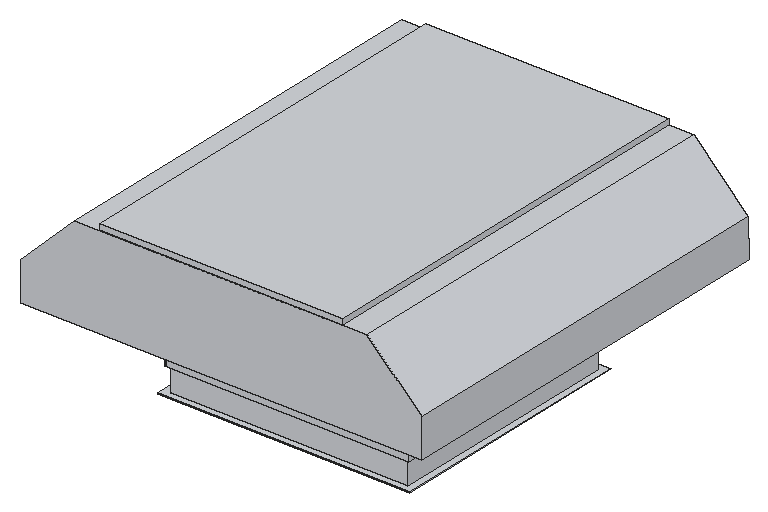
Revit family "HES-D", category Mechanical Equipment, Revit 2019
Family settings
  Round Connector Dimension = Use Diameter
  Part Type = Normal
  Work Plane-Based = No
  Always vertical = Yes
  Cut with Voids When Loaded = No
  Shared = No
  Room Calculation Point = No
Parameters (values of type "54-HES-D")
  Unit Weight [instance] = ""
  Sones [instance] = ""
  RO/2 = RO / 2  # 2' - 6 3/4"
  Motor RPM [instance] = ""
  Motor Enclosure [instance] = ""
  ModelID [instance] = ""
  LwA [instance] = ""
  W/2 = W / 2  # 4' - 6 1/2"
  L/2 = L / 2  # 4' - 7 1/2"
  RO = T_SQ - 0' 4 1/2"  # 5' - 1 1/2"
  T_SQ/2 = T_SQ / 2  # 2' - 9"
  Fan RPM [instance] = ""
  T_SQ = 5' - 6"
  W = 9' - 1"
  L = 9' - 3"
  CURB_HEIGHT [instance] = 0' - 9 1/2"
  CURB [instance] = yes
  C/2 = C / 2  # 0' - 7 3/8"
  C = 1' - 2 3/4"
  Brake Hp [instance] = ""
  B/2 = B / 2  # 0' - 1 1/2"
  B-.125" = B - 0' 0 1/8"  # 0' - 2 7/8"
  Accessories [instance] = ""
  A-C = A - C  # 2' - 5 3/4"
  B = 0' - 3"
  A/2 = A / 2  # 1' - 10 1/4"
  A-1.5" = A - 0' 1 1/2"  # 3' - 7"
  A = 3' - 8 1/2"
  4" = 0' - 4"  # constant formula
  2' = 2' - 0"
  2" = 0' - 2"  # constant formula
  1" = 0' - 1"  # constant formula
  0 = 0' - 0"  # constant formula
  Voltage [instance] = 0 V
  URL = "www.lorencook.com"
  Type Comments = "Hooded Supply Ventilator Extruded Aluminum Propeller Roof Mounted/Direct Drive"  # constant formula
  Static Pressure [instance] = 0.00 in-wg
  Power [instance] = Voltage * Motor FLA * sqrt(if(Phase = 3, 3, 1))  # 0 VA
  Phase [instance] = 0
  Number of Poles [instance] = 1
  Motor Hp [instance] = "0"
  Motor FLA [instance] = 0 A
  Model = "HES-D"  # constant formula
  Manufacturer = "Loren Cook Company"
  CFM [instance] = 0 CFM
  1.5 = 0' - 1 1/2"  # constant formula
  ONE EIGTH = 0' - 0 1/8"  # constant formula
  -L/2 = -L / 2  # -4' - 7 1/2"
  -(C/2) = -(C / 2)  # -0' - 7 3/8"
  -(A/2) = -(A / 2)  # -1' - 10 1/4"
  (T_SQ/2)-2" = (T_SQ / 2) - 0' 2"  # 2' - 7"
  (T_SQ/2)+.125" = (T_SQ / 2) + 0' 0 1/8"  # 2' - 9 1/8"
  (A-C)/2 = (A - C) / 2  # 1' - 2 7/8"
Types (8): name | RO/2 | W/2 | L/2 | RO | T_SQ/2 | T_SQ | W | L | C/2 | C | B/2 | B-.125" | A-C | B | A/2 | A-1.5" | A | -L/2 | -(C/2) | -(A/2) | (T_SQ/2)-2" | (T_SQ/2)+.125" | (A-C)/2
  (no name) | 2' - 6 3/4" | 4' - 6 1/2" | 4' - 7 1/2" | 5' - 1 1/2" | 2' - 9" | 5' - 6" | 9' - 1" | 9' - 3" | 0' - 7 3/8" | 1' - 2 3/4" | 0' - 1 1/2" | 0' - 2 7/8" | 2' - 5 3/4" | 0' - 3" | 1' - 10 1/4" | 3' - 7" | 3' - 8 1/2" | -4' - 7 1/2" | -0' - 7 3/8" | -1' - 10 1/4" | 2' - 7" | 2' - 9 1/8" | 1' - 2 7/8"
  20-HES-D | 1' - 1 3/4" | 2' - 2" | 2' - 2" | 2' - 3 1/2" | 1' - 4" | 2' - 8" | 4' - 4" | 4' - 4" | 0' - 5" | 0' - 10" | 0' - 1" | 0' - 1 7/8" | 1' - 5 1/4" | 0' - 2" | 1' - 1 5/8" | 2' - 1 3/4" | 2' - 3 1/4" | -2' - 2" | -0' - 5" | -1' - 1 5/8" | 1' - 2" | 1' - 4 1/8" | 0' - 8 5/8"
  30-HES-D | 1' - 6 3/4" | 2' - 10 1/2" | 2' - 10 1/2" | 3' - 1 1/2" | 1' - 9" | 3' - 6" | 5' - 9" | 5' - 9" | 0' - 5" | 0' - 10" | 0' - 1 1/2" | 0' - 2 7/8" | 1' - 8 1/2" | 0' - 3" | 1' - 3 1/4" | 2' - 5" | 2' - 6 1/2" | -2' - 10 1/2" | -0' - 5" | -1' - 3 1/4" | 1' - 7" | 1' - 9 1/8" | 0' - 10 1/4"
  36-HES-D | 1' - 9 3/4" | 3' - 4" | 3' - 4" | 3' - 7 1/2" | 2' - 0" | 4' - 0" | 6' - 8" | 6' - 8" | 0' - 5" | 0' - 10" | 0' - 1 1/2" | 0' - 2 7/8" | 1' - 11" | 0' - 3" | 1' - 4 1/2" | 2' - 7 1/2" | 2' - 9" | -3' - 4" | -0' - 5" | -1' - 4 1/2" | 1' - 10" | 2' - 0 1/8" | 0' - 11 1/2"
  42-HES-D | 2' - 0 3/4" | 3' - 9" | 3' - 9" | 4' - 1 1/2" | 2' - 3" | 4' - 6" | 7' - 6" | 7' - 6" | 0' - 5" | 0' - 10" | 0' - 1 1/2" | 0' - 2 7/8" | 2' - 4" | 0' - 3" | 1' - 7" | 3' - 0 1/2" | 3' - 2" | -3' - 9" | -0' - 5" | -1' - 7" | 2' - 1" | 2' - 3 1/8" | 1' - 2"
  48-HES-D | 2' - 3 3/4" | 3' - 9" | 4' - 7" | 4' - 7 1/2" | 2' - 6" | 5' - 0" | 7' - 6" | 9' - 2" | 0' - 6 3/4" | 1' - 1 1/2" | 0' - 1 1/2" | 0' - 2 7/8" | 2' - 4" | 0' - 3" | 1' - 8 3/4" | 3' - 4" | 3' - 5 1/2" | -4' - 7" | -0' - 6 3/4" | -1' - 8 3/4" | 2' - 4" | 2' - 6 1/8" | 1' - 2"
  54-HES-D | 2' - 6 3/4" | 4' - 6 1/2" | 4' - 7 1/2" | 5' - 1 1/2" | 2' - 9" | 5' - 6" | 9' - 1" | 9' - 3" | 0' - 7 3/8" | 1' - 2 3/4" | 0' - 1 1/2" | 0' - 2 7/8" | 2' - 5 3/4" | 0' - 3" | 1' - 10 1/4" | 3' - 7" | 3' - 8 1/2" | -4' - 7 1/2" | -0' - 7 3/8" | -1' - 10 1/4" | 2' - 7" | 2' - 9 1/8" | 1' - 2 7/8"
  24-HES-D | 1' - 3 3/4" | 2' - 5 1/2" | 2' - 5 1/2" | 2' - 7 1/2" | 1' - 6" | 3' - 0" | 4' - 11" | 4' - 11" | 0' - 5" | 0' - 10" | 0' - 1 1/2" | 0' - 2 7/8" | 1' - 6 3/4" | 0' - 3" | 1' - 2 3/8" | 2' - 3 1/4" | 2' - 4 3/4" | -2' - 5 1/2" | -0' - 5" | -1' - 2 3/8" | 1' - 4" | 1' - 6 1/8" | 0' - 9 3/8"
Reference planes (in)
  plane 1 "Center (Front/Back)": y = 0
  plane 2: z = 0
  plane 3 "Center (Left/Right)": x = 0.40541
Forms (in)
  Extrusion 1, solid
    sketch origin (0, 0, 0) x (1, 0, 0) y (0, 1, 0)
      loop
        line (-32.71959, 33.125) -> (-32.71959, -33.125) -> (33.53041, -33.125) -> (33.53041, 33.125) -> (-32.71959, 33.125)
    from 0 to 3 <- "B"
  Extrusion 2, void
    sketch origin (0, 0, 0) x (1, 0, 0) y (0, 1, 0)
      loop
        line (-32.59459, 33) -> (-32.59459, -33) -> (33.40541, -33) -> (33.40541, 33) -> (-32.59459, 33)
    from 0 to 2.875 <- "B-.125""
  Revolve 3, solid
    sketch origin (0, 0, 0) x (1, 0, 0) y (0, 0, 1)
      loop
        line (0.40541, 3) -> (31.40541, 3)
        arc (31.40541, 3) -> (24.03041, 10.375) -> (31.40541, 17.75) r 7.375
        line (31.40541, 17.75) -> (0.40541, 17.75) -> (0.40541, 3)
      axis (0.40541, 17.75) -> (0.40541, 3)
    angle from 0 to 360
  Extrusion 4, solid
    sketch origin (0, 0, 0) x (1, 0, 0) y (0, 0, 1)
      loop
        line (-54.09459, 17.75) -> (54.90541, 17.75) -> (54.90541, 43) -> (-54.09459, 43) -> (-54.09459, 17.75)
    from -55.5 <- "-L/2" to 55.5 <- "L/2"
  Extrusion 5, solid
    sketch origin (0, 0, 0) x (1, 0, 0) y (0, 0, 1)
      loop
        line (-32.59459, 43) -> (33.40541, 43) -> (33.40541, 44.5) -> (-32.59459, 44.5) -> (-32.59459, 43)
    from 55.5 <- "L/2" to -55.5 <- "-L/2"
  Extrusion 6, void
    sketch origin (0, 0, 0) x (1, 0, 0) y (0, 0, 1)
      loop
        line (40.03041, 43) -> (54.90541, 28.125) -> (54.90541, 43) -> (40.03041, 43)
      loop
        line (-39.21959, 43) -> (-54.09459, 43) -> (-54.09459, 28.125) -> (-39.21959, 43)
    from 55.5 <- "L/2" to -55.5 <- "-L/2"
  Extrusion 7, solid, visible <- "CURB"
    sketch origin (0, 0, 2.875) x (0, 1, 0) y (1, 0, 0)
      loop
        line (30.75, -30.34459) -> (30.75, 31.15541) -> (-30.75, 31.15541) -> (-30.75, -30.34459) -> (30.75, -30.34459)
      loop
        line (-32.25, 32.65541) -> (-32.25, -31.84459) -> (32.25, -31.84459) -> (32.25, 32.65541) -> (-32.25, 32.65541)
    from 0 to 9.5 <- "CURB_HEIGHT"
  Extrusion 8, solid, visible <- "CURB"
    sketch origin (0, 0, -6.625) x (-1, 0, 0) y (0, 1, 0)
      loop
        line (31.84459, -32.25) -> (31.84459, 32.25) -> (-32.65541, 32.25) -> (-32.65541, -32.25) -> (31.84459, -32.25)
      loop
        line (-34.65541, 34.25) -> (-34.65541, -34.25) -> (33.84459, -34.25) -> (33.84459, 34.25) -> (-34.65541, 34.25)
    from 0 to -0.125
Cuts and joins
  Extrusion 2 cuts Extrusion 1
  Extrusion 6 cuts Extrusion 4
  Extrusion 6 cuts Extrusion 5
Dimensions and locks (in)
  "(T_SQ/2)+.125"": Extrusion 1 sketch curve to plane 3 "Center (Left/Right)"
  "(T_SQ/2)+.125"": plane 3 "Center (Left/Right)" to Extrusion 1 sketch curve
  "(T_SQ/2)+.125"": plane 1 "Center (Front/Back)" to Extrusion 1 sketch curve
  "(T_SQ/2)+.125"": Extrusion 1 sketch curve to plane 1 "Center (Front/Back)"
  "T_SQ/2": Extrusion 2 sketch curve to plane 3 "Center (Left/Right)"
  "T_SQ/2": plane 3 "Center (Left/Right)" to Extrusion 2 sketch curve
  "T_SQ/2": plane 1 "Center (Front/Back)" to Extrusion 2 sketch curve
  "T_SQ/2": Extrusion 2 sketch curve to plane 1 "Center (Front/Back)"
  "C": Revolve 3 sketch curve to cut or joined group of Extrusion 1, Extrusion 2
  "(T_SQ/2)-2"": Revolve 3 sketch curve to plane 3 "Center (Left/Right)"
  "0": Revolve 3 sketch curve to plane 3 "Center (Left/Right)"  (x2)
  "0": Revolve 3 sketch curve to cut or joined group of Extrusion 1, Extrusion 2
  "A-1.5"": Extrusion 4 sketch curve to level
  "0": Extrusion 4 sketch curve to Revolve 3
  "W/2": Extrusion 4 sketch curve to plane 3 "Center (Left/Right)"  (x2)
  "0": Extrusion 5 sketch curve to Extrusion 4
  "1.5": Extrusion 5 sketch curve to Extrusion 5 sketch curve
  "T_SQ/2": Extrusion 5 sketch curve to plane 3 "Center (Left/Right)"
  "T_SQ/2": plane 3 "Center (Left/Right)" to Extrusion 5 sketch curve
  "0": Extrusion 6 sketch curve to Extrusion 4  (x3)
  "0": Extrusion 4 to Extrusion 6 sketch curve
  "(A-C)/2": Extrusion 6 sketch curve to Extrusion 6 sketch curve  (x4)
  "1.5": Extrusion 7 sketch curve to Extrusion 7 sketch curve  (x4)
  "RO/2": Extrusion 7 sketch curve to plane 3 "Center (Left/Right)"
  "RO/2": plane 3 "Center (Left/Right)" to Extrusion 7 sketch curve
  "RO/2": plane 1 "Center (Front/Back)" to Extrusion 7 sketch curve
  "RO/2": Extrusion 7 sketch curve to plane 1 "Center (Front/Back)"
  "2"": Extrusion 8 sketch curve to Extrusion 8 sketch curve  (x4)
  "0": Extrusion 8 sketch curve to Extrusion 7  (x3)
  "0": Extrusion 7 to Extrusion 8 sketch curve
Automatic sketch dimensions
  Revolve 3 sketch curve to level = 0' - 4"
  Revolve 3 sketch curve to Revolve 3 sketch curve = 0' - 0"
Connectors (in)
  hvac at (0.40541, 0, 2.875), driven by "RO", driven by "RO", driven by "CFM"
    settings: on cut or joined group of Extrusion 1, Extrusion 2, index 1, duct flow 0 CFM, flow factor 0, pres drop 0.00 in-wg, loss coef 0, conn angle 0.00°, conn width 61 1/2", conn height 61 1/2", conn diameter 24", duct sys type 1, conn prof type 1, flow config 0, flow direction 2, loss method 0, conn ref index -1, conn util no, is conn primary yes, conn desc ""
  electrical at (0.40541, 0, 2.875)
    settings: on cut or joined group of Extrusion 1, Extrusion 2, index 2, voltage 0 V, apparent load 0 VA, apparent load phase1 0 VA, apparent load phase2 0 VA, apparent load phase3 0 VA, power factor 1, load classification "Other", number of poles 1, system type 30, power factor state 1, is connector primary yes, connector utility no, sub classification motor no, connector description ""
